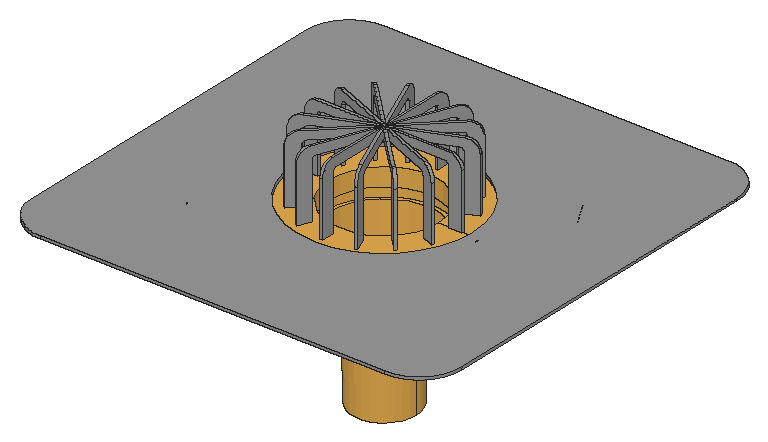
Revit family "TOPWET_Střešní vpust TW(E) 75 S", category Instalační zařizovací předměty, Revit 2016 (continued)
Definition of nested family "Perforovaný ochranný koš TWOK"
  Automatic sketch dimensions
    curve 33 to plane 1 "Střed (vpředu/vzadu)" = 41.57 mm
    plane 1 "Střed (vpředu/vzadu)" to curve 83 = 41.57 mm
    curve 34 to plane 1 "Střed (vpředu/vzadu)" = 38.334 mm
    plane 1 "Střed (vpředu/vzadu)" to curve 84 = 38.334 mm
    plane 1 "Střed (vpředu/vzadu)" to curve 85 = 22.906 mm
    curve 35 to plane 1 "Střed (vpředu/vzadu)" = 22.906 mm
    curve 36 to plane 1 "Střed (vpředu/vzadu)" = 19.102 mm
    plane 1 "Střed (vpředu/vzadu)" to curve 86 = 19.102 mm
    curve 57 to curve 56 = 2.351 mm
    curve 58 to curve 57 = 7.861 mm
    curve 8 to curve 7 = 7.861 mm
    curve 59 to curve 58 = 1.236 mm
    curve 10 to curve 9 = 2.709 mm
    curve 60 to curve 10 = 0 mm
    curve 32 to curve 33 = 12.244 mm
    curve 82 to curve 83 = 12.244 mm  (x2)
    curve 33 to curve 34 = 2.351 mm
    curve 83 to curve 84 = 2.351 mm
    curve 34 to curve 35 = 7.861 mm
    curve 84 to curve 85 = 7.861 mm
    curve 85 to curve 86 = 1.236 mm
    curve 35 to curve 36 = 1.236 mm
    curve 36 to curve 37 = 2.709 mm
    curve 87 to curve 37 = 0 mm
    curve 55 to curve 57 = 15.48 mm
    curve 80 to curve 81 = 7.861 mm
    curve 53 to curve 54 = 7.861 mm
    curve 51 to curve 53 = 1.236 mm
    curve 78 to curve 80 = 1.236 mm
    curve 52 to curve 51 = 2.709 mm
    curve 52 to curve 79 = 0 mm
    curve 56 to curve 57 = 3.236 mm
    curve 7 to curve 6 = 3.236 mm
    curve 33 to curve 32 = 12.244 mm
    curve 31 to curve 30 = 7.861 mm
    curve 4 to curve 3 = 7.861 mm
    curve 30 to curve 28 = 1.236 mm
    curve 3 to curve 1 = 1.236 mm
    curve 28 to curve 29 = 2.709 mm
    curve 2 to curve 29 = 0 mm
    Extrusion 2 sketch curve to Extrusion 2 sketch curve = 0 mm  (x38)
    Extrusion 2 sketch curve to plane 1 "Střed (vpředu/vzadu)" = 0.269 mm
    Extrusion 2 sketch curve to plane 1 "Střed (vpředu/vzadu)" = 2 mm  (x2)
    Extrusion 2 sketch curve to Extrusion 2 sketch curve = 3.188 mm  (x3)
    Extrusion 2 sketch curve to Extrusion 2 sketch curve = 3.236 mm  (x7)
    Extrusion 2 sketch curve to plane 1 "Střed (vpředu/vzadu)" = 8.424 mm
    Extrusion 2 sketch curve to Extrusion 2 sketch curve = 1.97 mm  (x4)
    Extrusion 2 sketch curve to plane 3 "Střed (vlevo/vpravo)" = 1.676 mm  (x2)
    Extrusion 2 sketch curve to Extrusion 2 sketch curve = 1.236 mm  (x3)
    plane 3 "Střed (vlevo/vpravo)" to Extrusion 2 sketch curve = 1.676 mm  (x2)
    Extrusion 2 sketch curve to Extrusion 2 sketch curve = 36.334 mm  (x4)
    plane 3 "Střed (vlevo/vpravo)" to Extrusion 2 sketch curve = 22.906 mm  (x2)
    Extrusion 2 sketch curve to Extrusion 2 sketch curve = 22.456 mm  (x3)
    Extrusion 2 sketch curve to plane 3 "Střed (vlevo/vpravo)" = 23.035 mm
    Extrusion 2 sketch curve to Extrusion 2 sketch curve = 22.528 mm
    Extrusion 2 sketch curve to plane 3 "Střed (vlevo/vpravo)" = 19.102 mm  (x2)
    Extrusion 2 sketch curve to Extrusion 2 sketch curve = 0.84 mm
    plane 3 "Střed (vlevo/vpravo)" to Extrusion 2 sketch curve = 19.102 mm  (x2)
    plane 1 "Střed (vpředu/vzadu)" to Extrusion 2 sketch curve = 2 mm  (x2)
    Extrusion 2 sketch curve to plane 3 "Střed (vlevo/vpravo)" = 22.906 mm
    Extrusion 2 sketch curve to Extrusion 2 sketch curve = 31.224 mm
    Extrusion 2 sketch curve to Extrusion 2 sketch curve = 2.351 mm  (x6)
    Extrusion 2 sketch curve to Extrusion 2 sketch curve = 11.092 mm
    Extrusion 2 sketch curve to Extrusion 2 sketch curve = 6.516 mm
    Extrusion 2 sketch curve to Extrusion 2 sketch curve = 3.804 mm  (x2)
  Nested families
    nested 1: "Odvodňovací kroužek pro ochranný koš TW ODK" at (0, 0, -15), visible <- "VPK", type "Odvodňovací kroužek pro ochranný koš TW ODK"
      with Seříznutí 0 mm, OBJEDNACÍ KÓD "TW ODK", OBJEDNACÍ KOMENTÁŘ "TW ODK, Odvodňovací kroužek"
    nested 2: "Odvodňovací kroužek pro ochranný koš TW ODK" at (0, 0, -48), visible <- "VPK", type "Odvodňovací kroužek pro ochranný koš TW ODK"
      with Seříznutí 0 mm, OBJEDNACÍ KÓD "TW ODK", OBJEDNACÍ KOMENTÁŘ "TW ODK, Odvodňovací kroužek"
    nested 3: "Odvodňovací kroužek pro ochranný koš TW ODK" at (0, 0, -81), Seříznutí <- "OK", visible <- "VOK", type "Odvodňovací kroužek pro ochranný koš TW ODK"
      with Seříznutí 15 mm, OBJEDNACÍ KÓD "TW ODK", OBJEDNACÍ KOMENTÁŘ "TW ODK, Odvodňovací kroužek"
    nested 4: "Odvodňovací kroužek pro ochranný koš TW ODK" at (0, 0, -15), visible <- "K1", type "Odvodňovací kroužek pro ochranný koš TW ODK"
      with Seříznutí 0 mm
  Definition of nested family "Odvodňovací kroužek pro ochranný koš TW ODK"
    Parameters (values of type "Odvodňovací kroužek pro ochranný koš TW ODK")
      Manufacturer = "TOPWET"  # constant formula
      URL = "http://topwet.cz/produkty/269-odvodnovaci-krouzek"
      Seříznutí [instance] = 0 mm
      Description = "Příslušenství vpusti"
      OBJEDNACÍ KÓD [instance] = "TW ODK"
      OBJEDNACÍ KOMENTÁŘ [instance] = "TW ODK, Odvodňovací kroužek"
      Model = ""  # constant formula
      Type Comments = ""  # constant formula
      Keynote = "TW ODK"
      Cost = 0
      COPYRIGHT = "©TOPWET"  # constant formula
    Reference planes
      plane 1 "Střed (vpředu/vzadu)": y = 0
      plane 2: z = 0
      plane 3 "Střed (vlevo/vpravo)": x = 0
      plane 4: z = -33
      plane 5: z = -33
      plane 6: z = -33
    Forms (mm)
      Extrusion 1, solid, detail levels medium+fine
        sketch origin (0, 0, 0) x (1, 0, 0) y (0, 1, 0)
          loop
            circle (0, 0) r 64.5
          loop
            circle (0, 0) r 67.5
        from 15 to -18
      Sweep 2, void
        path origin (0, 0, 0) x (0.987688, 0.156434, 0) y (-0.156434, 0.987688, 0)
          loop
            line (0, -72.5) -> (0, 72.5)
        profile origin (0, 0, 0) x (-0.987688, -0.156434, 0) y (0, 0, 1)
          loop
            line (7.4, -18) -> (7.4, -4.2)
            arc (7.4, -4.2) -> (6.521, -2.079) -> (4.4, -1.2) r 3
            line (4.4, -1.2) -> (-4.4, -1.2)
            arc (-4.4, -1.2) -> (-6.521, -2.079) -> (-7.4, -4.2) r 3
            line (-7.4, -4.2) -> (-7.4, -18) -> (7.4, -18)
      Sweep 3, void
        path origin (0, 0, 0) x (0.891007, 0.45399, 0) y (-0.45399, 0.891007, 0)
          loop
            line (0, -72.5) -> (0, 72.5)
        profile origin (0, 0, 0) x (-0.891007, -0.45399, 0) y (0, 0, 1)
          loop
            line (7.4, -18) -> (7.4, -4.2)
            arc (7.4, -4.2) -> (6.521, -2.079) -> (4.4, -1.2) r 3
            line (4.4, -1.2) -> (-4.4, -1.2)
            arc (-4.4, -1.2) -> (-6.521, -2.079) -> (-7.4, -4.2) r 3
            line (-7.4, -4.2) -> (-7.4, -18) -> (7.4, -18)
      Sweep 4, void
        path origin (0, 0, 0) x (0.707107, 0.707107, 0) y (-0.707107, 0.707107, 0)
          loop
            line (0, -72.5) -> (0, 72.5)
        profile origin (0, 0, 0) x (-0.707107, -0.707107, 0) y (0, 0, 1)
          loop
            line (7.4, -18) -> (7.4, -4.2)
            arc (7.4, -4.2) -> (6.521, -2.079) -> (4.4, -1.2) r 3
            line (4.4, -1.2) -> (-4.4, -1.2)
            arc (-4.4, -1.2) -> (-6.521, -2.079) -> (-7.4, -4.2) r 3
            line (-7.4, -4.2) -> (-7.4, -18) -> (7.4, -18)
      Sweep 5, void
        path origin (0, 0, 0) x (0.45399, 0.891007, 0) y (-0.891007, 0.45399, 0)
          loop
            line (0, -72.5) -> (0, 72.5)
        profile origin (0, 0, 0) x (-0.45399, -0.891007, 0) y (0, 0, 1)
          loop
            line (7.4, -18) -> (7.4, -4.2)
            arc (7.4, -4.2) -> (6.521, -2.079) -> (4.4, -1.2) r 3
            line (4.4, -1.2) -> (-4.4, -1.2)
            arc (-4.4, -1.2) -> (-6.521, -2.079) -> (-7.4, -4.2) r 3
            line (-7.4, -4.2) -> (-7.4, -18) -> (7.4, -18)
      Sweep 6, void
        path origin (0, 0, 0) x (0.156434, 0.987688, 0) y (-0.987688, 0.156434, 0)
          loop
            line (0, -72.5) -> (0, 72.5)
        profile origin (0, 0, 0) x (-0.156434, -0.987688, 0) y (0, 0, 1)
          loop
            line (7.4, -18) -> (7.4, -4.2)
            arc (7.4, -4.2) -> (6.521, -2.079) -> (4.4, -1.2) r 3
            line (4.4, -1.2) -> (-4.4, -1.2)
            arc (-4.4, -1.2) -> (-6.521, -2.079) -> (-7.4, -4.2) r 3
            line (-7.4, -4.2) -> (-7.4, -18) -> (7.4, -18)
      Sweep 7, void
        path origin (0, 0, 0) x (-0.987688, 0.156434, 0) y (0.156434, 0.987688, 0)
          loop
            line (0, -72.5) -> (0, 72.5)
        profile origin (0, 0, 0) x (-0.987688, 0.156434, 0) y (0, 0, 1)
          loop
            line (-7.4, -18) -> (7.4, -18) -> (7.4, -4.2)
            arc (7.4, -4.2) -> (6.521, -2.079) -> (4.4, -1.2) r 3
            line (4.4, -1.2) -> (-4.4, -1.2)
            arc (-4.4, -1.2) -> (-6.521, -2.079) -> (-7.4, -4.2) r 3
            line (-7.4, -4.2) -> (-7.4, -18)
      Sweep 8, void
        path origin (0, 0, 0) x (-0.891007, 0.45399, 0) y (0.45399, 0.891007, 0)
          loop
            line (0, -72.5) -> (0, 72.5)
        profile origin (0, 0, 0) x (-0.891007, 0.45399, 0) y (0, 0, 1)
          loop
            line (-7.4, -18) -> (7.4, -18) -> (7.4, -4.2)
            arc (7.4, -4.2) -> (6.521, -2.079) -> (4.4, -1.2) r 3
            line (4.4, -1.2) -> (-4.4, -1.2)
            arc (-4.4, -1.2) -> (-6.521, -2.079) -> (-7.4, -4.2) r 3
            line (-7.4, -4.2) -> (-7.4, -18)
      Sweep 9, void
        path origin (0, 0, 0) x (-0.707107, 0.707107, 0) y (0.707107, 0.707107, 0)
          loop
            line (0, -72.5) -> (0, 72.5)
        profile origin (0, 0, 0) x (-0.707107, 0.707107, 0) y (0, 0, 1)
          loop
            line (-7.4, -18) -> (7.4, -18) -> (7.4, -4.2)
            arc (7.4, -4.2) -> (6.521, -2.079) -> (4.4, -1.2) r 3
            line (4.4, -1.2) -> (-4.4, -1.2)
            arc (-4.4, -1.2) -> (-6.521, -2.079) -> (-7.4, -4.2) r 3
            line (-7.4, -4.2) -> (-7.4, -18)
      Sweep 10, void
        path origin (0, 0, 0) x (-0.45399, 0.891007, 0) y (0.891007, 0.45399, 0)
          loop
            line (0, -72.5) -> (0, 72.5)
        profile origin (0, 0, 0) x (-0.45399, 0.891007, 0) y (0, 0, 1)
          loop
            line (-7.4, -18) -> (7.4, -18) -> (7.4, -4.2)
            arc (7.4, -4.2) -> (6.521, -2.079) -> (4.4, -1.2) r 3
            line (4.4, -1.2) -> (-4.4, -1.2)
            arc (-4.4, -1.2) -> (-6.521, -2.079) -> (-7.4, -4.2) r 3
            line (-7.4, -4.2) -> (-7.4, -18)
      Sweep 11, void
        path origin (0, 0, 0) x (-0.156434, 0.987688, 0) y (0.987688, 0.156434, 0)
          loop
            line (0, -72.5) -> (0, 72.5)
        profile origin (0, 0, 0) x (-0.156434, 0.987688, 0) y (0, 0, 1)
          loop
            line (-7.4, -18) -> (7.4, -18) -> (7.4, -4.2)
            arc (7.4, -4.2) -> (6.521, -2.079) -> (4.4, -1.2) r 3
            line (4.4, -1.2) -> (-4.4, -1.2)
            arc (-4.4, -1.2) -> (-6.521, -2.079) -> (-7.4, -4.2) r 3
            line (-7.4, -4.2) -> (-7.4, -18)
      Extrusion 12, solid, detail levels medium+fine
        sketch origin (0, 0, 0) x (1, 0, 0) y (0, 1, 0)
          loop
            circle (0, 0) r 60
          loop
            circle (0, 0) r 64.5
        from -18 to -33
    Cuts and joins
      Sweep 2, Sweep 3, Sweep 4, Sweep 5, Sweep 6, Sweep 7, Sweep 8, Sweep 9, Sweep 10, Sweep 11 cuts Extrusion 1
    Dimensions and locks
      "Seříznutí": plane 5 to plane 4
      locked: plane 6 to plane 5 at 0
      aligned and locked: level to plane 2
    Automatic sketch dimensions
      Extrusion 1 sketch curve to Extrusion 1 sketch curve = 0 mm  (x2)
      plane 1 "Střed (vpředu/vzadu)" to Extrusion 1 sketch curve = 0 mm
      Extrusion 1 sketch curve to plane 3 "Střed (vlevo/vpravo)" = 0 mm
      Sweep 2 sketch curve to plane 3 "Střed (vlevo/vpravo)" = 11.341 mm
      Sweep 2 sketch curve to plane 1 "Střed (vpředu/vzadu)" = 71.607 mm
      Sweep 2 sketch curve to Sweep 2 sketch curve = 145 mm
      profile plane to Sweep 2 sketch curve = 7.4 mm
      Sweep 2 sketch curve to level = 1.2 mm
      Sweep 2 sketch curve to Sweep 2 sketch curve = 3 mm
      Sweep 2 sketch curve to profile plane = 4.4 mm
      Sweep 2 sketch curve to profile plane = 7.4 mm
      Sweep 2 sketch curve to Sweep 2 sketch curve = 13.8 mm
      Sweep 3 sketch curve to plane 3 "Střed (vlevo/vpravo)" = 32.914 mm
      Sweep 3 sketch curve to plane 1 "Střed (vpředu/vzadu)" = 64.598 mm
      Sweep 3 sketch curve to Sweep 3 sketch curve = 145 mm
      profile plane to Sweep 3 sketch curve = 7.4 mm
      Sweep 3 sketch curve to level = 1.2 mm
      Sweep 3 sketch curve to Sweep 3 sketch curve = 3 mm
      Sweep 3 sketch curve to profile plane = 4.4 mm
      Sweep 3 sketch curve to profile plane = 7.4 mm
      Sweep 3 sketch curve to Sweep 3 sketch curve = 13.8 mm
      Sweep 4 sketch curve to plane 1 "Střed (vpředu/vzadu)" = 51.265 mm
      Sweep 4 sketch curve to plane 3 "Střed (vlevo/vpravo)" = 51.265 mm
      Sweep 4 sketch curve to Sweep 4 sketch curve = 145 mm
      profile plane to Sweep 4 sketch curve = 7.4 mm
      Sweep 4 sketch curve to level = 1.2 mm
      Sweep 4 sketch curve to Sweep 4 sketch curve = 3 mm
      Sweep 4 sketch curve to profile plane = 4.4 mm
      Sweep 4 sketch curve to profile plane = 7.4 mm
      Sweep 4 sketch curve to Sweep 4 sketch curve = 13.8 mm
      Sweep 5 sketch curve to plane 1 "Střed (vpředu/vzadu)" = 32.914 mm
      Sweep 5 sketch curve to plane 3 "Střed (vlevo/vpravo)" = 64.598 mm
      Sweep 5 sketch curve to Sweep 5 sketch curve = 145 mm
      profile plane to Sweep 5 sketch curve = 7.4 mm
      Sweep 5 sketch curve to level = 1.2 mm
      Sweep 5 sketch curve to Sweep 5 sketch curve = 3 mm
      Sweep 5 sketch curve to profile plane = 4.4 mm
      Sweep 5 sketch curve to profile plane = 7.4 mm
      Sweep 5 sketch curve to Sweep 5 sketch curve = 13.8 mm
      Sweep 6 sketch curve to plane 1 "Střed (vpředu/vzadu)" = 11.341 mm
      Sweep 6 sketch curve to plane 3 "Střed (vlevo/vpravo)" = 71.607 mm
      Sweep 6 sketch curve to Sweep 6 sketch curve = 145 mm
      profile plane to Sweep 6 sketch curve = 7.4 mm
      Sweep 6 sketch curve to level = 1.2 mm
      Sweep 6 sketch curve to Sweep 6 sketch curve = 3 mm
      Sweep 6 sketch curve to profile plane = 4.4 mm
      Sweep 6 sketch curve to profile plane = 7.4 mm
      Sweep 6 sketch curve to Sweep 6 sketch curve = 13.8 mm
      Sweep 7 sketch curve to plane 3 "Střed (vlevo/vpravo)" = 11.341 mm
      plane 1 "Střed (vpředu/vzadu)" to Sweep 7 sketch curve = 71.607 mm
      Sweep 7 sketch curve to Sweep 7 sketch curve = 145 mm
      profile plane to Sweep 7 sketch curve = 7.4 mm
      Sweep 7 sketch curve to level = 1.2 mm
      Sweep 7 sketch curve to Sweep 7 sketch curve = 3 mm
      Sweep 7 sketch curve to profile plane = 4.4 mm
      Sweep 7 sketch curve to profile plane = 7.4 mm
      Sweep 7 sketch curve to Sweep 7 sketch curve = 13.8 mm
      Sweep 8 sketch curve to plane 3 "Střed (vlevo/vpravo)" = 32.914 mm
      plane 1 "Střed (vpředu/vzadu)" to Sweep 8 sketch curve = 64.598 mm
      Sweep 8 sketch curve to Sweep 8 sketch curve = 145 mm
      profile plane to Sweep 8 sketch curve = 7.4 mm
      Sweep 8 sketch curve to level = 1.2 mm
      Sweep 8 sketch curve to Sweep 8 sketch curve = 3 mm
      Sweep 8 sketch curve to profile plane = 4.4 mm
      Sweep 8 sketch curve to profile plane = 7.4 mm
      Sweep 8 sketch curve to Sweep 8 sketch curve = 13.8 mm
      plane 1 "Střed (vpředu/vzadu)" to Sweep 9 sketch curve = 51.265 mm
      Sweep 9 sketch curve to plane 3 "Střed (vlevo/vpravo)" = 51.265 mm
      Sweep 9 sketch curve to Sweep 9 sketch curve = 145 mm
      profile plane to Sweep 9 sketch curve = 7.4 mm
      Sweep 9 sketch curve to level = 1.2 mm
      Sweep 9 sketch curve to Sweep 9 sketch curve = 3 mm
      Sweep 9 sketch curve to profile plane = 4.4 mm
      Sweep 9 sketch curve to profile plane = 7.4 mm
      Sweep 9 sketch curve to Sweep 9 sketch curve = 13.8 mm
      plane 1 "Střed (vpředu/vzadu)" to Sweep 10 sketch curve = 32.914 mm
      Sweep 10 sketch curve to plane 3 "Střed (vlevo/vpravo)" = 64.598 mm
      Sweep 10 sketch curve to Sweep 10 sketch curve = 145 mm
      profile plane to Sweep 10 sketch curve = 7.4 mm
      Sweep 10 sketch curve to level = 1.2 mm
      Sweep 10 sketch curve to Sweep 10 sketch curve = 3 mm
      Sweep 10 sketch curve to profile plane = 4.4 mm
      Sweep 10 sketch curve to profile plane = 7.4 mm
      Sweep 10 sketch curve to Sweep 10 sketch curve = 13.8 mm
      plane 1 "Střed (vpředu/vzadu)" to Sweep 11 sketch curve = 11.341 mm
      Sweep 11 sketch curve to plane 3 "Střed (vlevo/vpravo)" = 71.607 mm
      Sweep 11 sketch curve to Sweep 11 sketch curve = 145 mm
      profile plane to Sweep 11 sketch curve = 7.4 mm
      Sweep 11 sketch curve to level = 1.2 mm
      Sweep 11 sketch curve to Sweep 11 sketch curve = 3 mm
      Sweep 11 sketch curve to profile plane = 4.4 mm
      Sweep 11 sketch curve to profile plane = 7.4 mm
      Sweep 11 sketch curve to Sweep 11 sketch curve = 13.8 mm
      Extrusion 12 sketch curve to Extrusion 12 sketch curve = 0 mm  (x2)
      plane 1 "Střed (vpředu/vzadu)" to Extrusion 12 sketch curve = 0 mm
      Extrusion 12 sketch curve to plane 3 "Střed (vlevo/vpravo)" = 0 mm
      radius of Extrusion 1 sketch curve = 64.5 mm
      radius of Extrusion 1 sketch curve = 67.5 mm
      radius of Extrusion 12 sketch curve = 60 mm
      radius of Extrusion 12 sketch curve = 64.5 mm
Definition of nested family "Terasový nástavec TW TER"
  Parameters (values of type "Terasový nástavec TW TER")
    Výška_Minimální = 19.5 mm  # constant formula
    Výška_Maximální = 161 mm  # constant formula
    Výška [instance] = 161 mm
    Manufacturer = "TOPWET"  # constant formula
    VK [instance] = (D / 10 mm - 2) > 1  # yes
    URL = "http://www.topwet.cz/produkty/270-terasovy-nastavec"
    Type Image = element 941891
    Description = "Příslušenství vpusti"
    PK [instance] = if((D / 10 mm - 2) < 2, 2, D / 10 mm - 2)  # 11
    OBJEDNACÍ KÓD [instance] = "TW TER"
    Model = "viz OBJEDNACÍ KÓD"
    Materiál_Mřížka = none
    MD1 [instance] = -D  # -128 mm
    Kontrola [instance] = not(or(Výška > Výška_Maximální, Výška < Výška_Minimální))  # yes
    Type Comments = "Terasový nástavec TOPWET s nerezovou mřížkou pro balkóny a terasy s lepenou nebo jinak uloženou dlažbou. Součástí balení je odvodňovací kroužek pro odtok vody z hlavní hydroizolace. Terasový nástavec lze prodloužit dalším odvodňovací kroužkem TW ODK o 33 mm nebo nástavcem TWN TER. Výšku nástavce lze upravit. Provedení ze silnostěnného polyamidu PA6 UV Stabil."
    Keynote = ""
    KO [instance] = if(Kontrola, -8 mm, 0 mm)  # -8 mm
    E [instance] = if(Kontrola, D - 19.5 mm, 0 mm)  # 108.5 mm
    D [instance] = if(Výška < 127.5 mm, Výška, Výška - 33 mm)  # 128 mm
    Cost = 0
    COPYRIGHT = "©TOPWET"  # constant formula
  Reference planes
    plane 1 "Střed (vpředu/vzadu)": y = 0
    plane 2: z = 0
    plane 3 "Střed (vlevo/vpravo)": x = 0
    plane 4: z = -128
    plane 5: z = -161
    plane 6: z = -149
  Forms (mm)
    Extrusion 1, solid, material <- "Materiál_Mřížka", detail levels medium+fine
      sketch origin (0, 0, 0) x (1, 0, 0) y (0, 1, 0)
        loop
          line (-64.5, 64.5) -> (-64.5, -64.5) -> (64.5, -64.5) -> (64.5, 64.5) -> (-64.5, 64.5)
      from 0 to -8 <- "KO"
    Sweep 2, solid, detail levels medium+fine
      path origin (0, 0, 0) x (1, 0, 0) y (0, 1, 0)
        loop
          line (-67.5, 67.5) -> (-67.5, -67.5) -> (67.5, -67.5) -> (67.5, 67.5) -> (-67.5, 67.5)
      profile origin (0, 67.5, 0) x (0, 1, 0) y (0, 0, 1)
        loop
          line (0, 0) -> (-3, 0) -> (-3, -8) -> (-12.5, -8) -> (-12.5, -19.5) -> (-3, -19.5) -> (-3, -10.5) -> (0, -10.5) -> (0, 0)
    Extrusion 3, solid, detail levels medium+fine
      sketch origin (-64.5, 64.5, -19.5) x (0, -1, 0) y (-1, 0, 0)
        loop
          circle (64.5, -64.5) r 64.5
        loop
          circle (64.5, -64.5) r 60
      from 0 to 108.5 <- "E"
  Lines and regions (mm)
    model lines, detail levels medium+fine
      curve 1: line (0, 0, 0) -> (0, 0, 100)
    model lines, detail levels fine
      curve 2: line (-9.777, 4.168, 0) -> (-9.776, 1.724, 0)
      curve 3: line (-9.776, 1.724, 0) -> (-7.339, 1.724, 0)
      curve 4: line (-7.339, 1.724, 0) -> (-7.339, -4.114, 0)
      curve 5: line (-7.339, -4.114, 0) -> (-4.379, -4.114, 0)
      curve 6: line (-4.379, -4.114, 0) -> (-4.379, 1.724, 0)
      curve 7: line (-4.379, 1.724, 0) -> (-2.028, 1.724, 0)
      curve 8: line (-2.028, 1.724, 0) -> (-1.071, -4.114, 0)
      curve 9: line (-1.071, -4.114, 0) -> (2.498, -4.114, 0)
      curve 10: line (2.498, -4.114, 0) -> (3.456, 1.724, 0)
      curve 11: line (3.456, 1.724, 0) -> (4.239, -4.114, 0)
      curve 12: line (4.239, -4.114, 0) -> (7.722, -4.114, 0)
      curve 13: line (7.722, -4.114, 0) -> (9.376, 4.168, 0)
      curve 14: line (9.376, 4.168, 0) -> (6.677, 4.168, 0)
      curve 15: line (6.677, 4.168, 0) -> (5.98, -1.758, 0)
      curve 16: line (5.98, -1.758, 0) -> (5.197, 4.168, 0)
      curve 17: line (5.197, 4.168, 0) -> (1.889, 4.168, 0)
      curve 18: line (1.889, 4.168, 0) -> (0.844, -1.758, 0)
      curve 19: line (0.844, -1.758, 0) -> (0.322, 4.168, 0)
      curve 20: line (0.322, 4.168, 0) -> (-9.777, 4.168, 0)
      curve 21: line (-17.5, -2.5, 0) -> (-17.5, 53.5, 0)
      curve 22: line (-33.5, 53.5, 0) -> (-33.5, -2.5, 0)
      curve 23: line (-49.5, -2.5, 0) -> (-49.5, 53.5, 0)
      curve 24: line (-2.5, 49.5, 0) -> (53.5, 49.5, 0)
      curve 25: line (53.5, 33.5, 0) -> (-2.5, 33.5, 0)
      curve 26: line (-2.5, 17.5, 0) -> (53.5, 17.5, 0)
      curve 27: line (49.5, 2.5, 0) -> (49.5, -53.5, 0)
      curve 28: line (33.5, -53.5, 0) -> (33.5, 2.5, 0)
      curve 29: line (17.5, 2.5, 0) -> (17.5, -53.5, 0)
      curve 30: line (2.5, -49.5, 0) -> (-53.5, -49.5, 0)
      curve 31: line (-53.5, -33.5, 0) -> (2.5, -33.5, 0)
      curve 32: line (2.5, -17.5, 0) -> (-53.5, -17.5, 0)
  Dimensions and locks
    locked: Sweep 2 to nested 1 at 6
    equal spacing: group 1, group 3, group 4, group 5, group 6, group 7, group 8, group 9, group 10, group 11, group 2  (x2)
    equal spacing: group 2, group 11, group 10, group 9, group 8, group 7, group 6, group 5, group 4, group 3, group 1
    locked: nested 2 to plane 4 at 6
    "D": plane 2 to plane 4
    "Výška": plane 2 to plane 5
    locked: nested 3 to plane 4 at 15
    plane 6 to plane 5 = 12 mm
    aligned and locked: level to plane 2
    aligned and locked: plane 3 "Střed (vlevo/vpravo)" to nested 3
    aligned and locked: plane 1 "Střed (vpředu/vzadu)" to nested 3
  Automatic sketch dimensions
    Extrusion 1 sketch curve to plane 3 "Střed (vlevo/vpravo)" = 64.5 mm
    plane 3 "Střed (vlevo/vpravo)" to Extrusion 1 sketch curve = 64.5 mm
    plane 1 "Střed (vpředu/vzadu)" to Extrusion 1 sketch curve = 64.5 mm
    Extrusion 1 sketch curve to plane 1 "Střed (vpředu/vzadu)" = 64.5 mm
    Sweep 2 sketch curve to plane 3 "Střed (vlevo/vpravo)" = 67.5 mm
    plane 3 "Střed (vlevo/vpravo)" to Sweep 2 sketch curve = 67.5 mm
    plane 1 "Střed (vpředu/vzadu)" to Sweep 2 sketch curve = 67.5 mm
    Sweep 2 sketch curve to plane 1 "Střed (vpředu/vzadu)" = 67.5 mm
    level to Sweep 2 sketch curve = 0 mm
    Sweep 2 sketch curve to profile plane = 0 mm
    profile plane to Sweep 2 sketch curve = 3 mm
    Sweep 2 sketch curve to Sweep 2 sketch curve = 9.5 mm
    Sweep 2 sketch curve to Sweep 2 sketch curve = 9 mm
    Sweep 2 sketch curve to Sweep 2 sketch curve = 2.5 mm
    Sweep 2 sketch curve to Sweep 2 sketch curve = 0 mm
    Sweep 2 sketch curve to level = 19.5 mm
    Extrusion 3 sketch curve to Extrusion 3 sketch curve = 0 mm  (x2)
    Extrusion 3 sketch curve to Sweep 2 = 55 mm
    Sweep 2 to Extrusion 3 sketch curve = 55 mm
    curve 1 to plane 3 "Střed (vlevo/vpravo)" = 0 mm
    curve 1 to level = 0 mm
    level to curve 1 = 100 mm
    curve 3 to plane 1 "Střed (vpředu/vzadu)" = 1.724 mm  (x2)
    curve 3 to plane 3 "Střed (vlevo/vpravo)" = 9.776 mm
    curve 2 to curve 4 = 2.437 mm
    curve 4 to curve 6 = 2.96 mm
    curve 8 to plane 3 "Střed (vlevo/vpravo)" = 2.028 mm
    curve 9 to plane 3 "Střed (vlevo/vpravo)" = 1.071 mm
    plane 3 "Střed (vlevo/vpravo)" to curve 18 = 0.844 mm
    plane 3 "Střed (vlevo/vpravo)" to curve 18 = 1.889 mm
    plane 3 "Střed (vlevo/vpravo)" to curve 9 = 2.498 mm
    curve 10 to plane 1 "Střed (vpředu/vzadu)" = 1.724 mm
    curve 17 to curve 10 = 1.567 mm
    curve 9 to curve 12 = 1.741 mm
    curve 10 to curve 16 = 1.741 mm
    plane 1 "Střed (vpředu/vzadu)" to curve 16 = 1.758 mm
    curve 11 to curve 16 = 1.741 mm
    curve 16 to curve 14 = 1.48 mm
    curve 15 to curve 13 = 1.741 mm
    curve 14 to curve 13 = 2.699 mm
    plane 1 "Střed (vpředu/vzadu)" to curve 8 = 4.114 mm
    curve 6 to curve 8 = 0 mm
    curve 9 to curve 12 = 0 mm
    plane 1 "Střed (vpředu/vzadu)" to curve 18 = 1.758 mm
    curve 6 to plane 1 "Střed (vpředu/vzadu)" = 1.724 mm
    curve 16 to curve 14 = 0 mm
    curve 2 to curve 2 = 0.001 mm
    plane 3 "Střed (vlevo/vpravo)" to curve 19 = 0.322 mm
    curve 10 to curve 15 = 2.444 mm
    curve 2 to curve 2 = 2.444 mm
    curve 21 to plane 3 "Střed (vlevo/vpravo)" = 17.5 mm
    plane 1 "Střed (vpředu/vzadu)" to curve 21 = 2.5 mm
    curve 2 to curve 21 = 49.331 mm
    plane 1 "Střed (vpředu/vzadu)" to curve 22 = 2.5 mm
    curve 22 to curve 21 = 16 mm
    curve 22 to curve 21 = 0 mm
    curve 23 to curve 22 = 16 mm
    plane 1 "Střed (vpředu/vzadu)" to curve 23 = 2.5 mm
    curve 23 to curve 22 = 0 mm
    curve 24 to plane 3 "Střed (vlevo/vpravo)" = 2.5 mm
    plane 3 "Střed (vlevo/vpravo)" to curve 24 = 53.5 mm
    curve 24 to curve 21 = 3.999 mm
    curve 25 to plane 3 "Střed (vlevo/vpravo)" = 2.5 mm
    curve 25 to curve 24 = 0 mm
    curve 25 to curve 24 = 16 mm
    curve 26 to plane 3 "Střed (vlevo/vpravo)" = 2.5 mm
    curve 26 to curve 25 = 0 mm
    curve 19 to curve 26 = 13.332 mm
    curve 27 to plane 1 "Střed (vpředu/vzadu)" = 2.5 mm
    curve 27 to curve 26 = 4 mm
    plane 1 "Střed (vpředu/vzadu)" to curve 27 = 53.5 mm
    curve 28 to curve 27 = 16 mm
    curve 28 to curve 27 = 0 mm
    curve 28 to plane 1 "Střed (vpředu/vzadu)" = 2.5 mm
    curve 29 to plane 1 "Střed (vpředu/vzadu)" = 2.5 mm
    curve 13 to curve 29 = 8.124 mm
    curve 29 to curve 28 = 0 mm
    curve 30 to curve 23 = 4 mm
    plane 3 "Střed (vlevo/vpravo)" to curve 30 = 2.5 mm
    curve 30 to curve 23 = 47 mm
    curve 31 to curve 30 = 0 mm
    plane 3 "Střed (vlevo/vpravo)" to curve 31 = 2.5 mm
    curve 30 to curve 31 = 16 mm
    curve 32 to curve 23 = 4 mm
    plane 3 "Střed (vlevo/vpravo)" to curve 32 = 2.5 mm
    curve 32 to curve 9 = 13.386 mm
    radius of Extrusion 3 sketch curve = 64.5 mm
    radius of Extrusion 3 sketch curve = 60 mm
  Nested families
    nested 1: "Kroužek" at (0, 0, -25.5), visible <- "VK", type "Kroužek"
      with R 64.5 mm, D 129 mm
    nested 2: "Kroužek" at (0, 0, -122), visible <- "VK", type "Kroužek"
      with R 64.5 mm, D 129 mm
    nested 3: "Odvodňovací kroužek pro ochranný koš TW ODK" at (0, 0, -128), visible <- "VK", type "Odvodňovací kroužek pro ochranný koš TW ODK", detail levels medium+fine
      with Seříznutí 0 mm
    nested 4: "Kroužek" at (0, 0, -35.15), visible <- "VK", type "Kroužek"
      with R 64.5 mm, D 129 mm
    nested 5: "Kroužek" at (0, 0, -44.8), visible <- "VK", type "Kroužek"
      with R 64.5 mm, D 129 mm
    nested 6: "Kroužek" at (0, 0, -54.45), visible <- "VK", type "Kroužek"
      with R 64.5 mm, D 129 mm
    nested 7: "Kroužek" at (0, 0, -64.1), visible <- "VK", type "Kroužek"
      with R 64.5 mm, D 129 mm
    nested 8: "Kroužek" at (0, 0, -73.75), visible <- "VK", type "Kroužek"
      with R 64.5 mm, D 129 mm
    nested 9: "Kroužek" at (0, 0, -83.4), visible <- "VK", type "Kroužek"
      with R 64.5 mm, D 129 mm
    nested 10: "Kroužek" at (0, 0, -93.05), visible <- "VK", type "Kroužek"
      with R 64.5 mm, D 129 mm
    nested 11: "Kroužek" at (0, 0, -102.7), visible <- "VK", type "Kroužek"
      with R 64.5 mm, D 129 mm
    nested 12: "Kroužek" at (0, 0, -112.35), visible <- "VK", type "Kroužek"
      with R 64.5 mm, D 129 mm
  Definition of nested family "Kroužek"
    Parameters (values of type "Kroužek")
      Manufacturer = ""
      URL = "⁫‌⁪‭⁡​‭​​​​​​​​​​​ ​​‍⁣⁢ ‎ ​⁤‭‎‎​‌​ ​⁣‌ ⁡‪​ ‪‭ ​⁢‎‎⁤‎‭‪‭‌​⁡‭ ‭‍ ⁡‬‭​⁣ ‌‪‭‍‍ ‍  ⁤‎⁢‎​‬‍ ‍ ‬⁤⁪‎⁪‪⁡⁢​⁣‬⁤‪⁡‎⁪⁢‬ ⁢‪⁪⁤⁡⁡‎​⁢ ‎‎‪‌⁢‎ ⁢‬‎⁣⁤⁤⁡‬‎‌⁪   ‭⁣‬⁡⁪‪‪‭⁣⁢‪​   ⁢⁣⁪‬⁣⁣‎ ⁢⁤‬‪  ⁪‬⁪‍​⁤ ‌⁪ ‭⁪⁣⁡ ‌  ‎‌‌⁡‌⁤⁣ ‍  ​  ‎⁣‍ ⁤‎⁢⁤⁡‭⁤‌⁣⁣‭‍⁤‪⁣  ⁢ ⁢   ‬‍‭ ‪⁢⁤⁢⁢​‎‍‍ ​‍‬  ‭⁣​‍‬ ⁪  ​‎⁢ ‭‍⁡‪ ⁢ ⁪  ‍   ‪⁤‬‌‍⁪ ⁣‬‪​‬⁤⁢​‌  ‬​ ​ ⁢​⁢​‭‪  ​‭  ‍⁣​‭‍  ‌⁡⁣‌  ​ ⁢‌   ‍‎ ⁤⁣‌‬‬‎ ⁣⁡‪ ⁪⁢‪​​​​​​⁫"
      R = D / 2  # 52 mm
      Description = ""
      Model = ""
      Type Comments = ""
      D = 104 mm
      Cost = 0
    Reference planes
      plane 1 "Střed (vpředu/vzadu)": y = 0
      plane 2: z = 0
      plane 3 "Střed (vlevo/vpravo)": x = 0
    Forms (mm)
      Revolve 1, solid, detail levels fine
        sketch origin (0, 0, 0) x (1, 0, 0) y (0, 0, 1)
          loop
            line (-52, 1.482) -> (-55.264, 0) -> (-52, -1.516) -> (-52, 1.482)
          axis (0, 1.482) -> (0, -1.516)
        angle from 0 to 360
    Dimensions and locks
      "R": Revolve 1 sketch curve to plane 3 "Střed (vlevo/vpravo)"
      aligned and locked: level to plane 2
      aligned and locked: Revolve 1 sketch curve to plane 3 "Střed (vlevo/vpravo)"
    Automatic sketch dimensions
      Revolve 1 sketch curve to level = 0 mm
      Revolve 1 sketch curve to Revolve 1 sketch curve = 3.264 mm
      Revolve 1 sketch curve to level = 1.516 mm
      level to Revolve 1 sketch curve = 1.482 mm
      Revolve 1 sketch curve to level = 381 mm
      Revolve 1 sketch curve to Revolve 1 sketch curve = 2212.833 mm
  Definition of nested family "Odvodňovací kroužek pro ochranný koš TW ODK"
    Parameters (values of type "Odvodňovací kroužek pro ochranný koš TW ODK")
      Manufacturer = "TOPWET"  # constant formula
      URL = "http://topwet.cz/produkty/269-odvodnovaci-krouzek"
      Seříznutí [instance] = 0 mm
      Description = "Příslušenství vpusti"
      OBJEDNACÍ KÓD [instance] = "TW ODK"
      OBJEDNACÍ KOMENTÁŘ [instance] = "TW ODK, Odvodňovací kroužek"
      Model = ""  # constant formula
      Type Comments = ""  # constant formula
      Keynote = "TW ODK"
      Cost = 0
      COPYRIGHT = "©TOPWET"  # constant formula
    Reference planes
      plane 1 "Střed (vpředu/vzadu)": y = 0
      plane 2: z = 0
      plane 3 "Střed (vlevo/vpravo)": x = 0
      plane 4: z = -33
      plane 5: z = -33
      plane 6: z = -33
    Forms (mm)
      Extrusion 1, solid, detail levels medium+fine
        sketch origin (0, 0, 0) x (1, 0, 0) y (0, 1, 0)
          loop
            circle (0, 0) r 64.5
          loop
            circle (0, 0) r 67.5
        from 15 to -18
      Sweep 2, void
        path origin (0, 0, 0) x (0.987688, 0.156434, 0) y (-0.156434, 0.987688, 0)
          loop
            line (0, -72.5) -> (0, 72.5)
        profile origin (0, 0, 0) x (-0.987688, -0.156434, 0) y (0, 0, 1)
          loop
            line (7.4, -18) -> (7.4, -4.2)
            arc (7.4, -4.2) -> (6.521, -2.079) -> (4.4, -1.2) r 3
            line (4.4, -1.2) -> (-4.4, -1.2)
            arc (-4.4, -1.2) -> (-6.521, -2.079) -> (-7.4, -4.2) r 3
            line (-7.4, -4.2) -> (-7.4, -18) -> (7.4, -18)
      Sweep 3, void
        path origin (0, 0, 0) x (0.891007, 0.45399, 0) y (-0.45399, 0.891007, 0)
          loop
            line (0, -72.5) -> (0, 72.5)
        profile origin (0, 0, 0) x (-0.891007, -0.45399, 0) y (0, 0, 1)
          loop
            line (7.4, -18) -> (7.4, -4.2)
            arc (7.4, -4.2) -> (6.521, -2.079) -> (4.4, -1.2) r 3
            line (4.4, -1.2) -> (-4.4, -1.2)
            arc (-4.4, -1.2) -> (-6.521, -2.079) -> (-7.4, -4.2) r 3
            line (-7.4, -4.2) -> (-7.4, -18) -> (7.4, -18)
      Sweep 4, void
        path origin (0, 0, 0) x (0.707107, 0.707107, 0) y (-0.707107, 0.707107, 0)
          loop
            line (0, -72.5) -> (0, 72.5)
        profile origin (0, 0, 0) x (-0.707107, -0.707107, 0) y (0, 0, 1)
          loop
            line (7.4, -18) -> (7.4, -4.2)
            arc (7.4, -4.2) -> (6.521, -2.079) -> (4.4, -1.2) r 3
            line (4.4, -1.2) -> (-4.4, -1.2)
            arc (-4.4, -1.2) -> (-6.521, -2.079) -> (-7.4, -4.2) r 3
            line (-7.4, -4.2) -> (-7.4, -18) -> (7.4, -18)
      Sweep 5, void
        path origin (0, 0, 0) x (0.45399, 0.891007, 0) y (-0.891007, 0.45399, 0)
          loop
            line (0, -72.5) -> (0, 72.5)
        profile origin (0, 0, 0) x (-0.45399, -0.891007, 0) y (0, 0, 1)
          loop
            line (7.4, -18) -> (7.4, -4.2)
            arc (7.4, -4.2) -> (6.521, -2.079) -> (4.4, -1.2) r 3
            line (4.4, -1.2) -> (-4.4, -1.2)
            arc (-4.4, -1.2) -> (-6.521, -2.079) -> (-7.4, -4.2) r 3
            line (-7.4, -4.2) -> (-7.4, -18) -> (7.4, -18)
      Sweep 6, void
        path origin (0, 0, 0) x (0.156434, 0.987688, 0) y (-0.987688, 0.156434, 0)
          loop
            line (0, -72.5) -> (0, 72.5)
        profile origin (0, 0, 0) x (-0.156434, -0.987688, 0) y (0, 0, 1)
          loop
            line (7.4, -18) -> (7.4, -4.2)
            arc (7.4, -4.2) -> (6.521, -2.079) -> (4.4, -1.2) r 3
            line (4.4, -1.2) -> (-4.4, -1.2)
            arc (-4.4, -1.2) -> (-6.521, -2.079) -> (-7.4, -4.2) r 3
            line (-7.4, -4.2) -> (-7.4, -18) -> (7.4, -18)
      Sweep 7, void
        path origin (0, 0, 0) x (-0.987688, 0.156434, 0) y (0.156434, 0.987688, 0)
          loop
            line (0, -72.5) -> (0, 72.5)
        profile origin (0, 0, 0) x (-0.987688, 0.156434, 0) y (0, 0, 1)
          loop
            line (-7.4, -18) -> (7.4, -18) -> (7.4, -4.2)
            arc (7.4, -4.2) -> (6.521, -2.079) -> (4.4, -1.2) r 3
            line (4.4, -1.2) -> (-4.4, -1.2)
            arc (-4.4, -1.2) -> (-6.521, -2.079) -> (-7.4, -4.2) r 3
            line (-7.4, -4.2) -> (-7.4, -18)
      Sweep 8, void
        path origin (0, 0, 0) x (-0.891007, 0.45399, 0) y (0.45399, 0.891007, 0)
          loop
            line (0, -72.5) -> (0, 72.5)
        profile origin (0, 0, 0) x (-0.891007, 0.45399, 0) y (0, 0, 1)
          loop
            line (-7.4, -18) -> (7.4, -18) -> (7.4, -4.2)
            arc (7.4, -4.2) -> (6.521, -2.079) -> (4.4, -1.2) r 3
            line (4.4, -1.2) -> (-4.4, -1.2)
            arc (-4.4, -1.2) -> (-6.521, -2.079) -> (-7.4, -4.2) r 3
            line (-7.4, -4.2) -> (-7.4, -18)
      Sweep 9, void
        path origin (0, 0, 0) x (-0.707107, 0.707107, 0) y (0.707107, 0.707107, 0)
          loop
            line (0, -72.5) -> (0, 72.5)
        profile origin (0, 0, 0) x (-0.707107, 0.707107, 0) y (0, 0, 1)
          loop
            line (-7.4, -18) -> (7.4, -18) -> (7.4, -4.2)
            arc (7.4, -4.2) -> (6.521, -2.079) -> (4.4, -1.2) r 3
            line (4.4, -1.2) -> (-4.4, -1.2)
            arc (-4.4, -1.2) -> (-6.521, -2.079) -> (-7.4, -4.2) r 3
            line (-7.4, -4.2) -> (-7.4, -18)
      Sweep 10, void
        path origin (0, 0, 0) x (-0.45399, 0.891007, 0) y (0.891007, 0.45399, 0)
          loop
            line (0, -72.5) -> (0, 72.5)
        profile origin (0, 0, 0) x (-0.45399, 0.891007, 0) y (0, 0, 1)
          loop
            line (-7.4, -18) -> (7.4, -18) -> (7.4, -4.2)
            arc (7.4, -4.2) -> (6.521, -2.079) -> (4.4, -1.2) r 3
            line (4.4, -1.2) -> (-4.4, -1.2)
            arc (-4.4, -1.2) -> (-6.521, -2.079) -> (-7.4, -4.2) r 3
            line (-7.4, -4.2) -> (-7.4, -18)
      Sweep 11, void
        path origin (0, 0, 0) x (-0.156434, 0.987688, 0) y (0.987688, 0.156434, 0)
          loop
            line (0, -72.5) -> (0, 72.5)
        profile origin (0, 0, 0) x (-0.156434, 0.987688, 0) y (0, 0, 1)
          loop
            line (-7.4, -18) -> (7.4, -18) -> (7.4, -4.2)
            arc (7.4, -4.2) -> (6.521, -2.079) -> (4.4, -1.2) r 3
            line (4.4, -1.2) -> (-4.4, -1.2)
            arc (-4.4, -1.2) -> (-6.521, -2.079) -> (-7.4, -4.2) r 3
            line (-7.4, -4.2) -> (-7.4, -18)
      Extrusion 12, solid, detail levels medium+fine
        sketch origin (0, 0, 0) x (1, 0, 0) y (0, 1, 0)
          loop
            circle (0, 0) r 60
          loop
            circle (0, 0) r 64.5
        from -18 to -33
      Extrusion 13, void
        sketch origin (0, -60, -33) x (0, 1, 0) y (-1, 0, 0)
          loop
            circle (60, 0) r 70
        from -10 to 0 <- "Seříznutí"
    Cuts and joins
      Sweep 2, Sweep 3, Sweep 4, Sweep 5, Sweep 6, Sweep 7, Sweep 8, Sweep 9, Sweep 10, Sweep 11, Extrusion 13 cuts Extrusion 1
      Extrusion 13 cuts Extrusion 12
    Dimensions and locks
      "Seříznutí": plane 5 to plane 4
      locked: plane 6 to plane 5 at 0
      aligned and locked: level to plane 2
    Automatic sketch dimensions
      Extrusion 1 sketch curve to Extrusion 1 sketch curve = 0 mm  (x2)
      plane 1 "Střed (vpředu/vzadu)" to Extrusion 1 sketch curve = 0 mm
      Extrusion 1 sketch curve to plane 3 "Střed (vlevo/vpravo)" = 0 mm
      Sweep 2 sketch curve to plane 3 "Střed (vlevo/vpravo)" = 11.341 mm
      Sweep 2 sketch curve to plane 1 "Střed (vpředu/vzadu)" = 71.607 mm
      Sweep 2 sketch curve to Sweep 2 sketch curve = 145 mm
      profile plane to Sweep 2 sketch curve = 7.4 mm
      Sweep 2 sketch curve to level = 1.2 mm
      Sweep 2 sketch curve to Sweep 2 sketch curve = 3 mm
      Sweep 2 sketch curve to profile plane = 4.4 mm
      Sweep 2 sketch curve to profile plane = 7.4 mm
      Sweep 2 sketch curve to Sweep 2 sketch curve = 13.8 mm
      Sweep 3 sketch curve to plane 3 "Střed (vlevo/vpravo)" = 32.914 mm
      Sweep 3 sketch curve to plane 1 "Střed (vpředu/vzadu)" = 64.598 mm
      Sweep 3 sketch curve to Sweep 3 sketch curve = 145 mm
      profile plane to Sweep 3 sketch curve = 7.4 mm
      Sweep 3 sketch curve to level = 1.2 mm
      Sweep 3 sketch curve to Sweep 3 sketch curve = 3 mm
      Sweep 3 sketch curve to profile plane = 4.4 mm
      Sweep 3 sketch curve to profile plane = 7.4 mm
      Sweep 3 sketch curve to Sweep 3 sketch curve = 13.8 mm
      Sweep 4 sketch curve to plane 1 "Střed (vpředu/vzadu)" = 51.265 mm
      Sweep 4 sketch curve to plane 3 "Střed (vlevo/vpravo)" = 51.265 mm
      Sweep 4 sketch curve to Sweep 4 sketch curve = 145 mm
      profile plane to Sweep 4 sketch curve = 7.4 mm
      Sweep 4 sketch curve to level = 1.2 mm
      Sweep 4 sketch curve to Sweep 4 sketch curve = 3 mm
      Sweep 4 sketch curve to profile plane = 4.4 mm
      Sweep 4 sketch curve to profile plane = 7.4 mm
      Sweep 4 sketch curve to Sweep 4 sketch curve = 13.8 mm
      Sweep 5 sketch curve to plane 1 "Střed (vpředu/vzadu)" = 32.914 mm
      Sweep 5 sketch curve to plane 3 "Střed (vlevo/vpravo)" = 64.598 mm
      Sweep 5 sketch curve to Sweep 5 sketch curve = 145 mm
      profile plane to Sweep 5 sketch curve = 7.4 mm
      Sweep 5 sketch curve to level = 1.2 mm
      Sweep 5 sketch curve to Sweep 5 sketch curve = 3 mm
      Sweep 5 sketch curve to profile plane = 4.4 mm
      Sweep 5 sketch curve to profile plane = 7.4 mm
      Sweep 5 sketch curve to Sweep 5 sketch curve = 13.8 mm
      Sweep 6 sketch curve to plane 1 "Střed (vpředu/vzadu)" = 11.341 mm
      Sweep 6 sketch curve to plane 3 "Střed (vlevo/vpravo)" = 71.607 mm
      Sweep 6 sketch curve to Sweep 6 sketch curve = 145 mm
      profile plane to Sweep 6 sketch curve = 7.4 mm
      Sweep 6 sketch curve to level = 1.2 mm
      Sweep 6 sketch curve to Sweep 6 sketch curve = 3 mm
      Sweep 6 sketch curve to profile plane = 4.4 mm
      Sweep 6 sketch curve to profile plane = 7.4 mm
      Sweep 6 sketch curve to Sweep 6 sketch curve = 13.8 mm
      Sweep 7 sketch curve to plane 3 "Střed (vlevo/vpravo)" = 11.341 mm
      plane 1 "Střed (vpředu/vzadu)" to Sweep 7 sketch curve = 71.607 mm
      Sweep 7 sketch curve to Sweep 7 sketch curve = 145 mm
      profile plane to Sweep 7 sketch curve = 7.4 mm
      Sweep 7 sketch curve to level = 1.2 mm
      Sweep 7 sketch curve to Sweep 7 sketch curve = 3 mm
      Sweep 7 sketch curve to profile plane = 4.4 mm
      Sweep 7 sketch curve to profile plane = 7.4 mm
      Sweep 7 sketch curve to Sweep 7 sketch curve = 13.8 mm
      Sweep 8 sketch curve to plane 3 "Střed (vlevo/vpravo)" = 32.914 mm
      plane 1 "Střed (vpředu/vzadu)" to Sweep 8 sketch curve = 64.598 mm
      Sweep 8 sketch curve to Sweep 8 sketch curve = 145 mm
      profile plane to Sweep 8 sketch curve = 7.4 mm
      Sweep 8 sketch curve to level = 1.2 mm
      Sweep 8 sketch curve to Sweep 8 sketch curve = 3 mm
      Sweep 8 sketch curve to profile plane = 4.4 mm
      Sweep 8 sketch curve to profile plane = 7.4 mm
      Sweep 8 sketch curve to Sweep 8 sketch curve = 13.8 mm
      plane 1 "Střed (vpředu/vzadu)" to Sweep 9 sketch curve = 51.265 mm
      Sweep 9 sketch curve to plane 3 "Střed (vlevo/vpravo)" = 51.265 mm
      Sweep 9 sketch curve to Sweep 9 sketch curve = 145 mm
      profile plane to Sweep 9 sketch curve = 7.4 mm
      Sweep 9 sketch curve to level = 1.2 mm
      Sweep 9 sketch curve to Sweep 9 sketch curve = 3 mm
      Sweep 9 sketch curve to profile plane = 4.4 mm
      Sweep 9 sketch curve to profile plane = 7.4 mm
      Sweep 9 sketch curve to Sweep 9 sketch curve = 13.8 mm
      plane 1 "Střed (vpředu/vzadu)" to Sweep 10 sketch curve = 32.914 mm
      Sweep 10 sketch curve to plane 3 "Střed (vlevo/vpravo)" = 64.598 mm
      Sweep 10 sketch curve to Sweep 10 sketch curve = 145 mm
      profile plane to Sweep 10 sketch curve = 7.4 mm
      Sweep 10 sketch curve to level = 1.2 mm
      Sweep 10 sketch curve to Sweep 10 sketch curve = 3 mm
      Sweep 10 sketch curve to profile plane = 4.4 mm
      Sweep 10 sketch curve to profile plane = 7.4 mm
      Sweep 10 sketch curve to Sweep 10 sketch curve = 13.8 mm
      plane 1 "Střed (vpředu/vzadu)" to Sweep 11 sketch curve = 11.341 mm
      Sweep 11 sketch curve to plane 3 "Střed (vlevo/vpravo)" = 71.607 mm
      Sweep 11 sketch curve to Sweep 11 sketch curve = 145 mm
      profile plane to Sweep 11 sketch curve = 7.4 mm
      Sweep 11 sketch curve to level = 1.2 mm
      Sweep 11 sketch curve to Sweep 11 sketch curve = 3 mm
      Sweep 11 sketch curve to profile plane = 4.4 mm
      Sweep 11 sketch curve to profile plane = 7.4 mm
      Sweep 11 sketch curve to Sweep 11 sketch curve = 13.8 mm
      Extrusion 12 sketch curve to Extrusion 12 sketch curve = 0 mm  (x2)
      plane 1 "Střed (vpředu/vzadu)" to Extrusion 12 sketch curve = 0 mm
      Extrusion 12 sketch curve to plane 3 "Střed (vlevo/vpravo)" = 0 mm
      plane 1 "Střed (vpředu/vzadu)" to Extrusion 13 sketch curve = 0 mm
      Extrusion 13 sketch curve to plane 3 "Střed (vlevo/vpravo)" = 0 mm
      radius of Extrusion 1 sketch curve = 64.5 mm
      radius of Extrusion 1 sketch curve = 67.5 mm
      radius of Extrusion 12 sketch curve = 60 mm
      radius of Extrusion 12 sketch curve = 64.5 mm
      radius of Extrusion 13 sketch curve = 70 mm
Definition of nested family "Perforovaný terasový nástavec TW TER P"
  Parameters (values of type "Perforovaný terasový nástavec TW TER P")
    Výška_Minimální = 19.5 mm  # constant formula
    Výška_Maximální = 227 mm  # constant formula
    Výška [instance] = 227 mm
    Manufacturer = "TOPWET"  # constant formula
    VN3 [instance] = Výška > (227 mm - 33 mm)  # yes
    VN2 [instance] = Výška > (227 mm - 66 mm)  # yes
    VN1 [instance] = Výška > 127.5 mm  # yes
    VK [instance] = (D / 10 mm - 2) > 1  # yes
    URL = "http://www.topwet.cz/produkty/271-perforovany-terasovy-nastavec"
    Type Image = element 939180
    Description = "Příslušenství vpusti"
    PK [instance] = if((D / 10 mm - 2) < 2, 2, D / 10 mm - 2)  # 11
    OBJEDNACÍ KÓD [instance] = "TW TER P"
    Model = "viz OBJEDNACÍ KÓD"
    Materiál_Mřížka = none
    MD1 [instance] = -D  # -128 mm
    Kontrola [instance] = not(or(Výška > Výška_Maximální, Výška < Výška_Minimální))  # yes
    Type Comments = "Perforovaný terasový nástavec TOPWET s nerezovou mřížkou pro balkóny a terasy s dlažbou. Součástí balení jsou tři odvodňovací kroužky pro plynulejší odtok vody z hlavní hydroizolace. Terasový nástavec lze prodloužit dalším odvodňovacím kroužkem TW ODK o 33 mm nebo nástavcem TWN TER. Výšku nástavce lze upravit. Provedení ze silnostěnného polyamidu PA6 UV Stabil."
    Keynote = ""
    KO [instance] = if(Kontrola, -8 mm, 0 mm)  # -8 mm
    E [instance] = if(Kontrola, D - 19.5 mm, 0 mm)  # 108.5 mm
    D [instance] = Výška - if(VN1, 33 mm, 0 mm) - if(VN2, 33 mm, 0 mm) - if(VN3, 33 mm, 0 mm)  # 128 mm
    Cost = 0
    COPYRIGHT = "©TOPWET"  # constant formula
  Reference planes
    plane 1 "Střed (vpředu/vzadu)": y = 0
    plane 2: z = 0
    plane 3 "Střed (vlevo/vpravo)": x = 0
    plane 4: z = -128
    plane 5: z = -227
    plane 6: z = -227
    plane 7: z = -215
  Forms (mm)
    Extrusion 1, solid, material <- "Materiál_Mřížka", detail levels medium+fine
      sketch origin (0, 0, 0) x (1, 0, 0) y (0, 1, 0)
        loop
          line (-64.5, 64.5) -> (-64.5, -64.5) -> (64.5, -64.5) -> (64.5, 64.5) -> (-64.5, 64.5)
      from 0 to -8 <- "KO"
    Sweep 2, solid, detail levels medium+fine
      path origin (0, 0, 0) x (1, 0, 0) y (0, 1, 0)
        loop
          line (-67.5, 67.5) -> (-67.5, -67.5) -> (67.5, -67.5) -> (67.5, 67.5) -> (-67.5, 67.5)
      profile origin (0, 67.5, 0) x (0, 1, 0) y (0, 0, 1)
        loop
          line (0, 0) -> (-3, 0) -> (-3, -8) -> (-12.5, -8) -> (-12.5, -19.5) -> (-3, -19.5) -> (-3, -10.5) -> (0, -10.5) -> (0, 0)
    Extrusion 3, solid, detail levels medium+fine
      sketch origin (-64.5, 64.5, -19.5) x (0, -1, 0) y (-1, 0, 0)
        loop
          circle (64.5, -64.5) r 64.5
        loop
          circle (64.5, -64.5) r 60
      from 0 to 108.5 <- "E"
  Lines and regions (mm)
    model lines, detail levels medium+fine
      curve 1: line (0, 0, 0) -> (0, 0, 100)
    model lines, detail levels fine
      curve 2: line (-9.777, 4.168, 0) -> (-9.776, 1.724, 0)
      curve 3: line (-9.776, 1.724, 0) -> (-7.339, 1.724, 0)
      curve 4: line (-7.339, 1.724, 0) -> (-7.339, -4.114, 0)
      curve 5: line (-7.339, -4.114, 0) -> (-4.379, -4.114, 0)
      curve 6: line (-4.379, -4.114, 0) -> (-4.379, 1.724, 0)
      curve 7: line (-4.379, 1.724, 0) -> (-2.028, 1.724, 0)
      curve 8: line (-2.028, 1.724, 0) -> (-1.071, -4.114, 0)
      curve 9: line (-1.071, -4.114, 0) -> (2.498, -4.114, 0)
      curve 10: line (2.498, -4.114, 0) -> (3.456, 1.724, 0)
      curve 11: line (3.456, 1.724, 0) -> (4.239, -4.114, 0)
      curve 12: line (4.239, -4.114, 0) -> (7.722, -4.114, 0)
      curve 13: line (7.722, -4.114, 0) -> (9.376, 4.168, 0)
      curve 14: line (9.376, 4.168, 0) -> (6.677, 4.168, 0)
      curve 15: line (6.677, 4.168, 0) -> (5.98, -1.758, 0)
      curve 16: line (5.98, -1.758, 0) -> (5.197, 4.168, 0)
      curve 17: line (5.197, 4.168, 0) -> (1.889, 4.168, 0)
      curve 18: line (1.889, 4.168, 0) -> (0.844, -1.758, 0)
      curve 19: line (0.844, -1.758, 0) -> (0.322, 4.168, 0)
      curve 20: line (0.322, 4.168, 0) -> (-9.777, 4.168, 0)
      curve 21: line (-17.5, -2.5, 0) -> (-17.5, 53.5, 0)
      curve 22: line (-33.5, 53.5, 0) -> (-33.5, -2.5, 0)
      curve 23: line (-49.5, -2.5, 0) -> (-49.5, 53.5, 0)
      curve 24: line (-2.5, 49.5, 0) -> (53.5, 49.5, 0)
      curve 25: line (53.5, 33.5, 0) -> (-2.5, 33.5, 0)
      curve 26: line (-2.5, 17.5, 0) -> (53.5, 17.5, 0)
      curve 27: line (49.5, 2.5, 0) -> (49.5, -53.5, 0)
      curve 28: line (33.5, -53.5, 0) -> (33.5, 2.5, 0)
      curve 29: line (17.5, 2.5, 0) -> (17.5, -53.5, 0)
      curve 30: line (2.5, -49.5, 0) -> (-53.5, -49.5, 0)
      curve 31: line (-53.5, -33.5, 0) -> (2.5, -33.5, 0)
      curve 32: line (2.5, -17.5, 0) -> (-53.5, -17.5, 0)
  Dimensions and locks
    locked: Sweep 2 to nested 1 at 6
    equal spacing: group 1, group 3, group 4, group 5, group 6, group 7, group 8, group 9, group 10, group 11, group 2  (x2)
    equal spacing: group 2, group 11, group 10, group 9, group 8, group 7, group 6, group 5, group 4, group 3, group 1
    locked: nested 2 to plane 4 at 6
    "D": plane 2 to plane 4
    "Výška": plane 2 to plane 5
    nested 3 to plane 4 = 15 mm
    locked: plane 6 to plane 5
    plane 7 to plane 5 = 12 mm
    aligned and locked: level to plane 2
    aligned and locked: plane 1 "Střed (vpředu/vzadu)" to nested 3
    aligned and locked: nested 11 to nested 3
    aligned and locked: nested 12 to nested 11
    aligned and locked: plane 5 to nested 12
  Automatic sketch dimensions
    Extrusion 1 sketch curve to plane 3 "Střed (vlevo/vpravo)" = 64.5 mm
    plane 3 "Střed (vlevo/vpravo)" to Extrusion 1 sketch curve = 64.5 mm
    plane 1 "Střed (vpředu/vzadu)" to Extrusion 1 sketch curve = 64.5 mm
    Extrusion 1 sketch curve to plane 1 "Střed (vpředu/vzadu)" = 64.5 mm
    Sweep 2 sketch curve to plane 3 "Střed (vlevo/vpravo)" = 67.5 mm
    plane 3 "Střed (vlevo/vpravo)" to Sweep 2 sketch curve = 67.5 mm
    plane 1 "Střed (vpředu/vzadu)" to Sweep 2 sketch curve = 67.5 mm
    Sweep 2 sketch curve to plane 1 "Střed (vpředu/vzadu)" = 67.5 mm
    level to Sweep 2 sketch curve = 0 mm
    Sweep 2 sketch curve to profile plane = 0 mm
    profile plane to Sweep 2 sketch curve = 3 mm
    Sweep 2 sketch curve to Sweep 2 sketch curve = 9.5 mm
    Sweep 2 sketch curve to Sweep 2 sketch curve = 9 mm
    Sweep 2 sketch curve to Sweep 2 sketch curve = 2.5 mm
    Sweep 2 sketch curve to Sweep 2 sketch curve = 0 mm
    Sweep 2 sketch curve to level = 19.5 mm
    Extrusion 3 sketch curve to Extrusion 3 sketch curve = 0 mm  (x2)
    Extrusion 3 sketch curve to Sweep 2 = 55 mm
    Sweep 2 to Extrusion 3 sketch curve = 55 mm
    curve 1 to plane 3 "Střed (vlevo/vpravo)" = 0 mm
    curve 1 to level = 0 mm
    level to curve 1 = 100 mm
    curve 3 to plane 1 "Střed (vpředu/vzadu)" = 1.724 mm  (x2)
    curve 3 to plane 3 "Střed (vlevo/vpravo)" = 9.776 mm
    curve 2 to curve 4 = 2.437 mm
    curve 4 to curve 6 = 2.96 mm
    curve 8 to plane 3 "Střed (vlevo/vpravo)" = 2.028 mm
    curve 9 to plane 3 "Střed (vlevo/vpravo)" = 1.071 mm
    plane 3 "Střed (vlevo/vpravo)" to curve 18 = 0.844 mm
    plane 3 "Střed (vlevo/vpravo)" to curve 18 = 1.889 mm
    plane 3 "Střed (vlevo/vpravo)" to curve 9 = 2.498 mm
    curve 10 to plane 1 "Střed (vpředu/vzadu)" = 1.724 mm
    curve 17 to curve 10 = 1.567 mm
    curve 9 to curve 12 = 1.741 mm
    curve 10 to curve 16 = 1.741 mm
    plane 1 "Střed (vpředu/vzadu)" to curve 16 = 1.758 mm
    curve 11 to curve 16 = 1.741 mm
    curve 16 to curve 14 = 1.48 mm
    curve 15 to curve 13 = 1.741 mm
    curve 14 to curve 13 = 2.699 mm
    plane 1 "Střed (vpředu/vzadu)" to curve 8 = 4.114 mm
    curve 6 to curve 8 = 0 mm
    curve 9 to curve 12 = 0 mm
    plane 1 "Střed (vpředu/vzadu)" to curve 18 = 1.758 mm
    curve 6 to plane 1 "Střed (vpředu/vzadu)" = 1.724 mm
    curve 16 to curve 14 = 0 mm
    curve 2 to curve 2 = 0.001 mm
    plane 3 "Střed (vlevo/vpravo)" to curve 19 = 0.322 mm
    curve 10 to curve 15 = 2.444 mm
    curve 2 to curve 2 = 2.444 mm
    curve 21 to plane 3 "Střed (vlevo/vpravo)" = 17.5 mm
    plane 1 "Střed (vpředu/vzadu)" to curve 21 = 2.5 mm
    curve 2 to curve 21 = 49.331 mm
    plane 1 "Střed (vpředu/vzadu)" to curve 22 = 2.5 mm
    curve 22 to curve 21 = 16 mm
    curve 22 to curve 21 = 0 mm
    curve 23 to curve 22 = 16 mm
    plane 1 "Střed (vpředu/vzadu)" to curve 23 = 2.5 mm
    curve 23 to curve 22 = 0 mm
    curve 24 to plane 3 "Střed (vlevo/vpravo)" = 2.5 mm
    plane 3 "Střed (vlevo/vpravo)" to curve 24 = 53.5 mm
    curve 24 to curve 21 = 3.999 mm
    curve 25 to plane 3 "Střed (vlevo/vpravo)" = 2.5 mm
    curve 25 to curve 24 = 0 mm
    curve 25 to curve 24 = 16 mm
    curve 26 to plane 3 "Střed (vlevo/vpravo)" = 2.5 mm
    curve 26 to curve 25 = 0 mm
    curve 19 to curve 26 = 13.332 mm
    curve 27 to plane 1 "Střed (vpředu/vzadu)" = 2.5 mm
    curve 27 to curve 26 = 4 mm
    plane 1 "Střed (vpředu/vzadu)" to curve 27 = 53.5 mm
    curve 28 to curve 27 = 16 mm
    curve 28 to curve 27 = 0 mm
    curve 28 to plane 1 "Střed (vpředu/vzadu)" = 2.5 mm
    curve 29 to plane 1 "Střed (vpředu/vzadu)" = 2.5 mm
    curve 13 to curve 29 = 8.124 mm
    curve 29 to curve 28 = 0 mm
    curve 30 to curve 23 = 4 mm
    plane 3 "Střed (vlevo/vpravo)" to curve 30 = 2.5 mm
    curve 30 to curve 23 = 47 mm
    curve 31 to curve 30 = 0 mm
    plane 3 "Střed (vlevo/vpravo)" to curve 31 = 2.5 mm
    curve 30 to curve 31 = 16 mm
    curve 32 to curve 23 = 4 mm
    plane 3 "Střed (vlevo/vpravo)" to curve 32 = 2.5 mm
    curve 32 to curve 9 = 13.386 mm
    radius of Extrusion 3 sketch curve = 64.5 mm
    radius of Extrusion 3 sketch curve = 60 mm
  Nested families
    nested 1: "Kroužek" at (0, 0, -25.5), visible <- "VK", type "Kroužek"
      with R 64.5 mm, D 129 mm
    nested 2: "Kroužek" at (0, 0, -122), visible <- "VK", type "Kroužek"
      with R 64.5 mm, D 129 mm
    nested 3: "Odvodňovací kroužek pro ochranný koš TW ODK" at (0, 0, -128), visible <- "VN3", type "Odvodňovací kroužek pro ochranný koš TW ODK"
      with Seříznutí 0 mm
    nested 4: "Kroužek" at (0, 0, -35.15), visible <- "VK", type "Kroužek"
      with R 64.5 mm, D 129 mm
    nested 5: "Kroužek" at (0, 0, -44.8), visible <- "VK", type "Kroužek"
      with R 64.5 mm, D 129 mm
    nested 6: "Kroužek" at (0, 0, -54.45), visible <- "VK", type "Kroužek"
      with R 64.5 mm, D 129 mm
    nested 7: "Kroužek" at (0, 0, -64.1), visible <- "VK", type "Kroužek"
      with R 64.5 mm, D 129 mm
    nested 8: "Kroužek" at (0, 0, -73.75), visible <- "VK", type "Kroužek"
      with R 64.5 mm, D 129 mm
